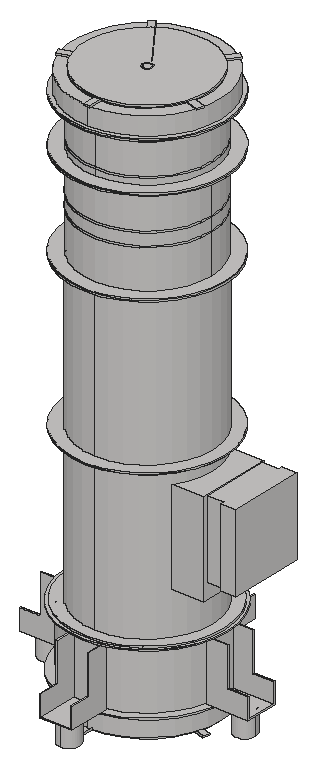
Revit family "HARMANN - MAXEE_HT - pionowy", category Mechanical Equipment, Revit 2022 (continued)
Definition of nested family "HARMANN - Akcesoria - RVS"
  Dimensions and locks
    aligned and locked: Sweep 1 sketch curve to plane 3 "Center (Left/Right)"
    aligned and locked: plane 10 to Sweep 1 sketch curve
    aligned and locked: plane 9 "Center L/S" to Sweep 1 sketch curve
    aligned and locked: Sweep 2 sketch curve to plane 3 "Center (Left/Right)"
    aligned and locked: plane 8 to Sweep 2 sketch curve
    aligned and locked: plane 10 to Sweep 2 sketch curve
    aligned and locked: plane 1 "Center (Front/Back)" to Sweep 3 sketch curve
    aligned and locked: plane 9 "Center L/S" to Sweep 3 sketch curve
    aligned and locked: plane 8 to Sweep 4 sketch curve
    aligned and locked: plane 1 "Center (Front/Back)" to Sweep 4 sketch curve
  Automatic sketch dimensions
    Sweep 3 sketch curve to plane 3 "Center (Left/Right)" = 0.00 mm
    Sweep 4 sketch curve to plane 3 "Center (Left/Right)" = 0.00 mm
    Sweep 1 sketch curve to Sweep 1 sketch curve = 0.00 mm  (x2)
    Sweep 1 sketch curve to level = 0.00 mm
    profile plane to Sweep 1 sketch curve = 0.00 mm
    Sweep 2 sketch curve to Sweep 2 sketch curve = 0.00 mm  (x2)
    Sweep 2 sketch curve to level = 0.00 mm
    profile plane to Sweep 2 sketch curve = 0.00 mm
    Sweep 3 sketch curve to Sweep 3 sketch curve = 0.00 mm  (x2)
    Sweep 3 sketch curve to level = 0.00 mm
    profile plane to Sweep 3 sketch curve = 0.00 mm
    Sweep 4 sketch curve to level = 0.00 mm
    profile plane to Sweep 4 sketch curve = 0.00 mm
Definition of nested family "HARMANN - Akcesoria - RVK F4"
  Parameters (values of type "RVK 315")
    Numer artykułu = size_lookup(Lookup Table Name, "Numer artykułu", "n/a", N1)  # "15387300"
    N1 = 1 mm
    Model = size_lookup(Lookup Table Name, "Model", "n/a", N1)  # "RVK 315"
    Manufacturer = "Harmann Polska Sp. z o.o."  # constant formula
    Lookup Table Name = "RVK"
    Instalacja Pionowa [instance] = yes
    E = size_lookup(Lookup Table Name, "E", 1.00 mm, N1)  # 233.00 mm
    Description = "Klapa zwrotna - instalacja pionowa"  # constant formula
    Default Elevation = 1219.20 mm
    D = B + 4.00 mm  # 319.00 mm
    B = size_lookup(Lookup Table Name, "B", 1.00 mm, N1)  # 315.00 mm
    A2 = A + 30.00 mm  # 385.00 mm
    A = size_lookup(Lookup Table Name, "A", 1.00 mm, N1)  # 355.00 mm
  Types (13, lengths in mm): name | Numer artykułu | N1 | Model | E | D | B | A2 | A
    RVK 315 | "15387300" | 1 | "RVK 315" | 233.00 | 319.00 | 315.00 | 385.00 | 355.00
    RVK 355 | "15388900" | 2 | "RVK 355" | 233.00 | 359.00 | 355.00 | 425.00 | 395.00
    RVK 400 | "15370100" | 3 | "RVK 400" | 218.00 | 404.00 | 400.00 | 480.00 | 450.00
    RVK 450 | "15389500" | 4 | "RVK 450" | 218.00 | 454.00 | 450.00 | 530.00 | 500.00
    RVK 500 | "15390000" | 5 | "RVK 500" | 441.00 | 504.00 | 500.00 | 590.00 | 560.00
    RVK 560 | "15390600" | 6 | "RVK 560" | 441.00 | 564.00 | 560.00 | 650.00 | 620.00
    RVK 630 | "15391000" | 7 | "RVK 630" | 441.00 | 634.00 | 630.00 | 720.00 | 690.00
    RVK 710 | "15391400" | 8 | "RVK 710" | 431.00 | 714.00 | 710.00 | 800.00 | 770.00
    RVK 800 | "15773600" | 9 | "RVK 800" | 431.00 | 804.00 | 800.00 | 890.00 | 860.00
    RVK 900 | "15775500" | 10 | "RVK 900" | 421.00 | 904.00 | 900.00 | 1000.00 | 970.00
    RVK 1000 | "15776600" | 11 | "RVK 1000" | 576.00 | 1004.00 | 1000.00 | 1100.00 | 1070.00
    RVK 1120 | "15783700" | 12 | "RVK 1120" | 566.00 | 1124.00 | 1120.00 | 1220.00 | 1190.00
    RVK 1250 | "15784700" | 13 | "RVK 1250" | 566.00 | 1254.00 | 1250.00 | 1350.00 | 1320.00
  Reference planes
    plane 1 "Center (Front/Back)": y = 0
    plane 2: z = 0
    plane 3 "Center (Left/Right)": x = 0
    plane 4: x = -177.5
    plane 5: x = 177.5
    plane 6: z = 177.5
    plane 7: z = -177.5
    plane 8: y = 233
    plane 9 "Center L/S": y = 3
    plane 10: y = 230
    plane 11: y = 133
    plane 12: y = 100
    plane 13 "Center L/T": y = 13
    plane 14 "Center L/U": y = 16
  Forms (mm)
    Sweep 1, solid, detail levels medium+fine
      path origin (0, 0, 0) x (1, 0, 0) y (0, 1, 0)
        loop
          line (0, 230) -> (0, 3)
      profile origin (0, 116.5, 0) x (1, 0, 0) y (0, 0, 1)
        loop
          circle (0, 0) r 159.5
        loop
          circle (0, 0) r 157.5
    Sweep 2, solid, detail levels medium+fine
      path origin (0, 0, 0) x (1, 0, 0) y (0, 1, 0)
        loop
          line (0, 233) -> (0, 230)
      profile origin (0, 231.5, 0) x (1, 0, 0) y (0, 0, 1)
        loop
          circle (0, 0) r 192.5
        loop
          circle (0, 0) r 157.5
    Sweep 3, solid, detail levels medium+fine
      path origin (0, 0, 0) x (1, 0, 0) y (0, 1, 0)
        loop
          line (0, 3) -> (0, 0)
      profile origin (0, 1.5, 0) x (1, 0, 0) y (0, 0, 1)
        loop
          circle (0, 0) r 192.5
        loop
          circle (0, 0) r 157.5
    Sweep 4, solid, detail levels coarse
      path origin (0, 0, 0) x (1, 0, 0) y (0, 1, 0)
        loop
          line (0, 233) -> (0, 0)
      profile origin (0, 116.5, 0) x (1, 0, 0) y (0, 0, 1)
        loop
          circle (0, 0) r 192.5
    Sweep 5, solid, detail levels medium+fine
      path origin (0, 0, 0) x (1, 0, 0) y (0, 1, 0)
        loop
          line (0, 102) -> (0, 98)
      profile origin (0, 100, 0) x (1, 0, 0) y (0, 0, 1)
        loop
          circle (0, 0) r 159.5
        loop
          circle (0, 0) r 157.5
    Sweep 6, solid, detail levels medium+fine
      path origin (0, 0, 0) x (1, 0, 0) y (0, 1, 0)
        loop
          line (0, 135) -> (0, 131)
      profile origin (0, 133, 0) x (1, 0, 0) y (0, 0, 1)
        loop
          circle (0, 0) r 159.5
        loop
          circle (0, 0) r 157.5
    Sweep 7, solid, detail levels medium+fine
      path origin (0, 0, 0) x (1, 0, 0) y (0, 1, 0)
        loop
          line (0, 16) -> (0, 13)
      profile origin (0, 14.5, 0) x (1, 0, 0) y (0, 0, 1)
        loop
          circle (0, 0) r 157.5
  Dimensions and locks
    equal spacing: plane 5, plane 3 "Center (Left/Right)", plane 4
    "A": plane 5 to plane 4
    equal spacing: plane 6, level, plane 7
    "A": plane 6 to plane 7
    locked: plane 1 "Center (Front/Back)" to plane 9 "Center L/S" at 3
    locked: plane 10 to plane 8 at 3
    locked: plane 11 to plane 8 at 100
    "E": plane 1 "Center (Front/Back)" to plane 8
    locked: plane 1 "Center (Front/Back)" to plane 12 at 100
    equal spacing: Sweep 5 sketch curve, plane 12, Sweep 5 sketch curve
    Sweep 5 sketch curve to Sweep 5 sketch curve = 4.00 mm
    locked: Sweep 6 sketch curve to Sweep 6 sketch curve at 4
    equal spacing: Sweep 6 sketch curve, plane 11, Sweep 6 sketch curve
    locked: plane 13 "Center L/T" to plane 14 "Center L/U" at 3
    locked: plane 9 "Center L/S" to plane 13 "Center L/T" at 10
    "B": diameter of Sweep 1 sketch curve
    "B": diameter of Sweep 2 sketch curve
    "A2": diameter of Sweep 2 sketch curve
    "B": diameter of Sweep 3 sketch curve
    "A2": diameter of Sweep 3 sketch curve
    "A2": diameter of Sweep 4 sketch curve
    "D": diameter of Sweep 1 sketch curve
    "D": diameter of Sweep 5 sketch curve
    "B": diameter of Sweep 5 sketch curve
    "D": diameter of Sweep 6 sketch curve
    "B": diameter of Sweep 6 sketch curve
    "B": diameter of Sweep 7 sketch curve
    aligned and locked: level to plane 2
    aligned and locked: Sweep 1 sketch curve to plane 3 "Center (Left/Right)"
    aligned and locked: plane 10 to Sweep 1 sketch curve
    aligned and locked: plane 9 "Center L/S" to Sweep 1 sketch curve
    aligned and locked: Sweep 2 sketch curve to plane 3 "Center (Left/Right)"
    aligned and locked: plane 8 to Sweep 2 sketch curve
    aligned and locked: plane 10 to Sweep 2 sketch curve
    aligned and locked: plane 1 "Center (Front/Back)" to Sweep 3 sketch curve
    aligned and locked: plane 9 "Center L/S" to Sweep 3 sketch curve
    aligned and locked: plane 8 to Sweep 4 sketch curve
    aligned and locked: plane 1 "Center (Front/Back)" to Sweep 4 sketch curve
    aligned and locked: plane 14 "Center L/U" to Sweep 7 sketch curve
    aligned and locked: plane 13 "Center L/T" to Sweep 7 sketch curve
  Automatic sketch dimensions
    Sweep 3 sketch curve to plane 3 "Center (Left/Right)" = 0.00 mm
    Sweep 4 sketch curve to plane 3 "Center (Left/Right)" = 0.00 mm
    Sweep 5 sketch curve to plane 3 "Center (Left/Right)" = 0.00 mm
    Sweep 6 sketch curve to plane 3 "Center (Left/Right)" = 0.00 mm
    Sweep 7 sketch curve to plane 3 "Center (Left/Right)" = 0.00 mm
    Sweep 1 sketch curve to Sweep 1 sketch curve = 0.00 mm  (x2)
    Sweep 1 sketch curve to level = 0.00 mm
    profile plane to Sweep 1 sketch curve = 0.00 mm
    Sweep 2 sketch curve to Sweep 2 sketch curve = 0.00 mm  (x2)
    Sweep 2 sketch curve to level = 0.00 mm
    profile plane to Sweep 2 sketch curve = 0.00 mm
    Sweep 3 sketch curve to Sweep 3 sketch curve = 0.00 mm  (x2)
    Sweep 3 sketch curve to level = 0.00 mm
    profile plane to Sweep 3 sketch curve = 0.00 mm
    Sweep 4 sketch curve to level = 0.00 mm
    profile plane to Sweep 4 sketch curve = 0.00 mm
    Sweep 5 sketch curve to Sweep 5 sketch curve = 0.00 mm  (x2)
    Sweep 5 sketch curve to level = 0.00 mm
    profile plane to Sweep 5 sketch curve = 0.00 mm
    Sweep 6 sketch curve to Sweep 6 sketch curve = 0.00 mm  (x2)
    Sweep 6 sketch curve to level = 0.00 mm
    profile plane to Sweep 6 sketch curve = 0.00 mm
    Sweep 7 sketch curve to level = 0.00 mm
    profile plane to Sweep 7 sketch curve = 0.00 mm
Definition of nested family "HARMANN - Akcesoria - RAF"
  Parameters (values of type "RAF 1250")
    Numer artykułu = size_lookup(Lookup Table Name, "Numer artykułu", "n/a", N1)  # "15750300"
    N1 = 13 mm
    Model = size_lookup(Lookup Table Name, "Model", "n/a", N1)  # "RAF 1250"
    Manufacturer = "Harmann Polska Sp. z o.o."  # constant formula
    Lookup Table Name = "RAF"
    E = size_lookup(Lookup Table Name, "E", 1.00 mm, N1)  # 105.00 mm
    Description = "Kołnierz wlotowy dedykowany dla wentylatorów kanałowych MAXEE."
    Default Elevation = 1219.20 mm
    B = size_lookup(Lookup Table Name, "B", 1.00 mm, N1)  # 1244.00 mm
    A2 = A + 30.00 mm  # 1350.00 mm
    B2 = B + 54.00 mm  # 1298.00 mm
    A = size_lookup(Lookup Table Name, "A", 1.00 mm, N1)  # 1320.00 mm
  Types (13, lengths in mm): name | Numer artykułu | N1 | Model | E | B | A2 | B2 | A
    RAF 1000 | "15741400" | 11 | "RAF 1000" | 110.00 | 994.00 | 1100.00 | 1048.00 | 1070.00
    RAF 315 | "15401600" | 1 | "RAF 315" | 48.00 | 310.00 | 385.00 | 364.00 | 355.00
    RAF 355 | "15401800" | 2 | "RAF 355" | 48.00 | 350.00 | 425.00 | 404.00 | 395.00
    RAF 400 | "15401900" | 3 | "RAF 400" | 40.00 | 395.00 | 480.00 | 449.00 | 450.00
    RAF 450 | "15402000" | 4 | "RAF 450" | 40.00 | 446.00 | 530.00 | 500.00 | 500.00
    RAF 500 | "15402100" | 5 | "RAF 500" | 63.00 | 495.00 | 590.00 | 549.00 | 560.00
    RAF 560 | "15402200" | 6 | "RAF 560" | 63.00 | 555.00 | 650.00 | 609.00 | 620.00
    RAF 630 | "15402300" | 7 | "RAF 630" | 63.00 | 625.00 | 720.00 | 679.00 | 690.00
    RAF 710 | "15402400" | 8 | "RAF 710" | 59.00 | 705.00 | 800.00 | 759.00 | 770.00
    RAF 800 | "15739500" | 9 | "RAF 800" | 58.00 | 794.00 | 890.00 | 848.00 | 860.00
    RAF 900 | "15740600" | 10 | "RAF 900" | 53.00 | 894.00 | 1000.00 | 948.00 | 970.00
    RAF 1120 | "15749700" | 12 | "RAF 1120" | 105.00 | 1114.00 | 1220.00 | 1168.00 | 1190.00
    RAF 1250 | "15750300" | 13 | "RAF 1250" | 105.00 | 1244.00 | 1350.00 | 1298.00 | 1320.00
  Reference planes
    plane 1 "Center (Front/Back)": y = 0
    plane 2: z = 0
    plane 3 "Center (Left/Right)": x = 0
    plane 4: x = -660
    plane 5: x = 660
    plane 6: z = 660
    plane 7: z = -660
    plane 8: y = 105
    plane 9 "Center L/S": y = 3
  Forms (mm)
    Sweep 1, solid, detail levels medium+fine
      path origin (0, 0, 0) x (1, 0, 0) y (0, 1, 0)
        loop
          line (0, 105) -> (0, 3)
      profile origin (0, 54, 0) x (1, 0, 0) y (0, 0, 1)
        loop
          circle (0, 0) r 622
        loop
          circle (0, 0) r 649
    Sweep 2, solid, detail levels medium+fine
      path origin (0, 0, 0) x (1, 0, 0) y (0, 1, 0)
        loop
          line (0, 3) -> (0, 0)
      profile origin (0, 1.5, 0) x (1, 0, 0) y (0, 0, 1)
        loop
          circle (0, 0) r 675
        loop
          circle (0, 0) r 622
    Sweep 3, solid, detail levels coarse
      path origin (0, 0, 0) x (1, 0, 0) y (0, 1, 0)
        loop
          line (0, 105) -> (0, 0)
      profile origin (0, 52.5, 0) x (1, 0, 0) y (0, 0, 1)
        loop
          circle (0, 0) r 675
  Dimensions and locks
    equal spacing: plane 5, plane 3 "Center (Left/Right)", plane 4
    "A": plane 5 to plane 4
    equal spacing: plane 6, level, plane 7
    "A": plane 6 to plane 7
    locked: plane 1 "Center (Front/Back)" to plane 9 "Center L/S" at 3
    "E": plane 1 "Center (Front/Back)" to plane 8
    "B2": diameter of Sweep 1 sketch curve
    "B": diameter of Sweep 2 sketch curve
    "A2": diameter of Sweep 2 sketch curve
    "A2": diameter of Sweep 3 sketch curve
    "B": diameter of Sweep 1 sketch curve
    aligned and locked: level to plane 2
    aligned and locked: Sweep 1 sketch curve to plane 3 "Center (Left/Right)"
    aligned and locked: plane 9 "Center L/S" to Sweep 1 sketch curve
    aligned and locked: plane 1 "Center (Front/Back)" to Sweep 2 sketch curve
    aligned and locked: plane 9 "Center L/S" to Sweep 2 sketch curve
    aligned and locked: plane 8 to Sweep 3 sketch curve
    aligned and locked: plane 1 "Center (Front/Back)" to Sweep 3 sketch curve
    aligned and locked: plane 8 to Sweep 1 sketch curve
  Automatic sketch dimensions
    Sweep 2 sketch curve to plane 3 "Center (Left/Right)" = 0.00 mm
    Sweep 3 sketch curve to plane 3 "Center (Left/Right)" = 0.00 mm
    Sweep 1 sketch curve to Sweep 1 sketch curve = 0.00 mm  (x2)
    Sweep 1 sketch curve to level = 0.00 mm
    profile plane to Sweep 1 sketch curve = 0.00 mm
    Sweep 2 sketch curve to Sweep 2 sketch curve = 0.00 mm  (x2)
    Sweep 2 sketch curve to level = 0.00 mm
    profile plane to Sweep 2 sketch curve = 0.00 mm
    Sweep 3 sketch curve to level = 0.00 mm
    profile plane to Sweep 3 sketch curve = 0.00 mm
Definition of nested family "HARMANN - Akcesoria - SGE"
  Parameters (values of type "SGE 1000")
    Średnica wewnętrzna = 40.00 mm
    Numer artykułu = size_lookup(Lookup Table Name, "Numer artykułu", "n/a", N1)  # "15951800"
    N1 = 11 mm
    Model = size_lookup(Lookup Table Name, "Model", "n/a", N1)  # "SGE 1000"
    Manufacturer = "Harmann Polska Sp. z o.o."  # constant formula
    Lookup Table Name = "SGE"
    Default Elevation = 1219.20 mm
    Description = "Klapa zwrotna"  # constant formula
    B2 = B - 4.00 mm  # 981.00 mm
    B = size_lookup(Lookup Table Name, "B", 1.00 mm, N1)  # 985.00 mm
    A2 = A + 16.00 mm  # 1086.00 mm
    A = size_lookup(Lookup Table Name, "A", 1.00 mm, N1)  # 1070.00 mm
  Types (14, lengths in mm): name | Numer artykułu | N1 | Model | B2 | B | A2 | A
    SGE 315 | "15405800" | 1 | "SGE 315" | 307.00 | 311.00 | 371.00 | 355.00
    SGE 355 | "15406200" | 2 | "SGE 355" | 351.00 | 355.00 | 411.00 | 395.00
    SGE 400 | "15407400" | 3 | "SGE 400" | 395.00 | 399.00 | 466.00 | 450.00
    SGE 450 | "15407500" | 4 | "SGE 450" | 461.00 | 465.00 | 516.00 | 500.00
    SGE 500 | "15407600" | 5 | "SGE 500" | 505.00 | 509.00 | 576.00 | 560.00
    SGE 560 | "15407700" | 6 | "SGE 560" | 571.00 | 575.00 | 636.00 | 620.00
    SGE 630 | "15407900" | 7 | "SGE 630" | 637.00 | 641.00 | 706.00 | 690.00
    SGE 710 | "15408300" | 8 | "SGE 710" | 703.00 | 707.00 | 786.00 | 770.00
    SGE 800 | "15951600" | 9 | "SGE 800" | 781.00 | 785.00 | 876.00 | 860.00
    SGE 900 | "15951700" | 10 | "SGE 900" | 881.00 | 885.00 | 986.00 | 970.00
    SGE 1000 | "15951800" | 11 | "SGE 1000" | 981.00 | 985.00 | 1086.00 | 1070.00
    SGE 1120 | "15951900" | 12 | "SGE 1120" | 1101.00 | 1105.00 | 1206.00 | 1190.00
    SGE 1250 | "15952000" | 13 | "SGE 1250" | 1231.00 | 1235.00 | 1336.00 | 1320.00
    SGE 1400 | "16041800" | 14 | "SGE 1400" | 1381.00 | 1385.00 | 1486.00 | 1470.00
  Reference planes
    plane 1 "Center (Front/Back)": y = 0
    plane 2: z = 0
    plane 3 "Center (Left/Right)": x = 0
    plane 4 "Center L/S": y = 6.5
    plane 5 "Center L/T": y = 3.25
  Forms (mm)
    Sweep 1, solid, detail levels medium+fine
      path origin (0, 0, 0) x (1, 0, 0) y (0, 1, 0)
        loop
          line (0, 0) -> (0, 3.25)
      profile origin (0, 1.625, 0) x (-1, 0, 0) y (0, 0, 1)
        loop
          line (19.472, 4.567) -> (443.807, 312.865)
          arc (443.807, 312.865) -> (439.296, 319.167) -> (434.696, 325.405) r 543
          line (434.696, 325.405) -> (10.361, 17.107)
          arc (10.361, 17.107) -> (16.18, 11.756) -> (19.472, 4.567) r 20
        loop
          arc (-160.408, 518.766) -> (-167.796, 516.424) -> (-175.15, 513.976) r 543
          line (-175.15, 513.976) -> (-13.068, 15.14)
          arc (-13.068, 15.14) -> (-6.18, 19.021) -> (1.673, 19.93) r 20
          line (1.673, 19.93) -> (-160.408, 518.766)
        loop
          arc (-542.945, 7.75) -> (-543, 0) -> (-542.945, -7.75) r 543
          line (-542.945, -7.75) -> (-18.437, -7.75)
          arc (-18.437, -7.75) -> (-20, 0) -> (-18.437, 7.75) r 20
          line (-18.437, 7.75) -> (-542.945, 7.75)
        loop
          arc (-175.15, -513.976) -> (-167.796, -516.424) -> (-160.408, -518.766) r 543
          line (-160.408, -518.766) -> (1.673, -19.93)
          arc (1.673, -19.93) -> (-6.18, -19.021) -> (-13.068, -15.14) r 20
          line (-13.068, -15.14) -> (-175.15, -513.976)
        loop
          arc (434.696, -325.405) -> (439.296, -319.167) -> (443.807, -312.865) r 543
          line (443.807, -312.865) -> (19.472, -4.567)
          arc (19.472, -4.567) -> (16.18, -11.756) -> (10.361, -17.107) r 20
          line (10.361, -17.107) -> (434.696, -325.405)
    Sweep 2, solid, detail levels medium+fine
      path origin (0, 0, 0) x (1, 0, 0) y (0, 1, 0)
        loop
          line (0, 6.5) -> (0, 3.25)
      profile origin (0, 4.875, 0) x (1, 0, 0) y (0, 0, 1)
        loop
          circle (0, 0) r 12.5
        loop
          circle (0, 0) r 490.5
        loop
          circle (0, 0) r 9.5
    Sweep 3, solid, detail levels coarse
      path origin (0, 0, 0) x (1, 0, 0) y (0, 1, 0)
        loop
          line (0, 0) -> (0, 6.5)
      profile origin (0, 3.25, 0) x (-1, 0, 0) y (0, 0, 1)
        loop
          circle (0, 0) r 535
  Dimensions and locks
    locked: plane 1 "Center (Front/Back)" to plane 4 "Center L/S" at 6.5
    equal spacing: plane 1 "Center (Front/Back)", plane 5 "Center L/T", plane 4 "Center L/S"
    "B2": diameter of Sweep 2 sketch curve
    "A": diameter of Sweep 3 sketch curve
    "A2": diameter of Sweep 1 sketch curve  (x5)
    "Średnica wewnętrzna": diameter of Sweep 1 sketch curve  (x5)
    locked: Sweep 1 sketch curve to Sweep 1 sketch curve (angle 72.00°)  (x9)
    aligned and locked: level to plane 2
    aligned and locked: Sweep 1 sketch curve to plane 3 "Center (Left/Right)"
    aligned and locked: plane 4 "Center L/S" to Sweep 2 sketch curve
    aligned and locked: plane 1 "Center (Front/Back)" to Sweep 1 sketch curve
    aligned and locked: plane 1 "Center (Front/Back)" to Sweep 3 sketch curve
    aligned and locked: plane 5 "Center L/T" to Sweep 1 sketch curve
    aligned and locked: plane 5 "Center L/T" to Sweep 2 sketch curve
    aligned and locked: plane 4 "Center L/S" to Sweep 3 sketch curve
  Automatic sketch dimensions
    Sweep 2 sketch curve to plane 3 "Center (Left/Right)" = 0.00 mm
    Sweep 3 sketch curve to plane 3 "Center (Left/Right)" = 0.00 mm
    Sweep 1 sketch curve to Sweep 1 sketch curve = 0.00 mm  (x90)
    Sweep 1 sketch curve to level = 0.00 mm
    Sweep 1 sketch curve to profile plane = 0.00 mm
    profile plane to Sweep 1 sketch curve = 13.068 mm  (x2)
    level to Sweep 1 sketch curve = 7.75 mm
    Sweep 1 sketch curve to level = 7.75 mm
    Sweep 1 sketch curve to Sweep 1 sketch curve = 14.741 mm  (x2)
    Sweep 1 sketch curve to Sweep 1 sketch curve = 8.688 mm  (x2)
    Sweep 1 sketch curve to level = 4.567 mm
    level to Sweep 1 sketch curve = 4.567 mm
    Sweep 2 sketch curve to Sweep 2 sketch curve = 0.00 mm  (x6)
    Sweep 2 sketch curve to level = 0.00 mm
    profile plane to Sweep 2 sketch curve = 0.00 mm
    Sweep 3 sketch curve to level = 0.00 mm
    Sweep 3 sketch curve to profile plane = 0.00 mm
    radius of Sweep 2 sketch curve = 12.50 mm
    radius of Sweep 2 sketch curve = 9.50 mm
Types (40, lengths in mm): name | Zasilanie natężenie maksymalne Imax | Zasilanie Moc maksymalna Pmax | Zasilanie Częstotliwość Maksymalna fmax | Wysokość FSD | Wysokość FAL | Wysokość | TRA | R2 | Powietrze ciśnienie statyczne maksymalne dPmax | Powietrze Przepływ Maksymalny Qmax | Obroty nominalne nnom | Numer artykułu | N1 | Model | Moc akustyczna nominalna obudowa Lwa | Masa | MAXEE_HT | F | Długość TRA | Długość RVS SPR | Długość RVS | Długość RVK F4 SPR | Długość RVK F4 | Długość RAS F4 od strony tłoczonej SPR | Długość RAS F4 SPR | Długość RAS F4 | Długość RAF SPR | Długość RAF | Długość MR | Długość MAXEE | Długość ESD SPR | Długość ESD | D2 | D | Czy Złącze Elastyczne RAS F4 | Czy Dysza wlotowa ESD | Ciśnienie akustyczne nominalne obudowa Lpa | C | B | Akc SGE dla ESD | Akc SGE | Akc RVS | Akc RVK F4 | Akc RAS F4 | Akc RAF | Akc MR | Akc ESD | A
  MAXEE.HT 315/4/3950T | 0.7 A | 174 W | 80 Hz | 57.00 | 98.00 | 116.50 | no | 157.50 | 215.0 Pa | 3940.0 m³/h | 1485.000 RPM | "15470200" | 1 | "MAXEE.HT 315/4/3950T" | "65 dB(A)" | 23.10 kg | HARMANN - MAXEE_HT : MAXEE.HT 315/4/3950T | 396.00 | 336.00 | 383.00 | 383.00 | 233.00 | 233.00 | 120.00 | 120.00 | 120.00 | 48.00 | 48.00 | 154.00 | 383.00 | 79.00 | 79.00 | 321.00 | 315.00 | yes | yes | "58 dB(A)" | 355.00 | 383.00 | HARMANN - Akcesoria - SGE : SGE 355 | HARMANN - Akcesoria - SGE : SGE 315 | HARMANN - Akcesoria - RVS : RVS 315 | HARMANN - Akcesoria - RVK F4 : RVK 315 | HARMANN - Akcesoria - RAS F4 : RAS 315 F4 | HARMANN - Akcesoria - RAF : RAF 315 | HARMANN - Akcesoria - MR : MR 315 | HARMANN - Akcesoria - ESD : ESD 315 | 380.00
  MAXEE.HT 315/2/5800T | 1.9 A | 1386 W | 60 Hz | 57.00 | 98.00 | 116.50 | no | 157.50 | 490.0 Pa | 5810.0 m³/h | 2880.000 RPM | "15470300" | 2 | "MAXEE.HT 315/2/5800T" | "75 dB(A)" | 18.50 kg | HARMANN - MAXEE_HT : MAXEE.HT 315/2/5800T | 396.00 | 336.00 | 383.00 | 383.00 | 233.00 | 233.00 | 120.00 | 0.00 | 120.00 | 48.00 | 48.00 | 154.00 | 383.00 | 0.00 | 79.00 | 321.00 | 315.00 | no | no | "68 dB(A)" | 355.00 | 383.00 | HARMANN - Akcesoria - SGE : SGE 355 | HARMANN - Akcesoria - SGE : SGE 315 | HARMANN - Akcesoria - RVS : RVS 315 | HARMANN - Akcesoria - RVK F4 : RVK 315 | HARMANN - Akcesoria - RAS F4 : RAS 315 F4 | HARMANN - Akcesoria - RAF : RAF 315 | HARMANN - Akcesoria - MR : MR 315 | HARMANN - Akcesoria - ESD : ESD 315 | 380.00
  MAXEE.HT 355/4/4900T | 0.8 A | 575 W | 70 Hz | 57.00 | 99.00 | 136.00 | no | 177.50 | 230.0 Pa | 4870.0 m³/h | 1480.000 RPM | "15470400" | 3 | "MAXEE.HT 355/4/4900T" | "65 dB(A)" | 20.30 kg | HARMANN - MAXEE_HT : MAXEE.HT 355/4/4900T | 396.00 | 336.00 | 368.00 | 368.00 | 233.00 | 233.00 | 120.00 | 120.00 | 120.00 | 48.00 | 48.00 | 154.00 | 383.00 | 89.00 | 89.00 | 361.00 | 355.00 | yes | yes | "58 dB(A)" | 395.00 | 383.00 | HARMANN - Akcesoria - SGE : SGE 400 | HARMANN - Akcesoria - SGE : SGE 355 | HARMANN - Akcesoria - RVS : RVS 355 | HARMANN - Akcesoria - RVK F4 : RVK 355 | HARMANN - Akcesoria - RAS F4 : RAS 355 F4 | HARMANN - Akcesoria - RAF : RAF 355 | HARMANN - Akcesoria - MR : MR 355 | HARMANN - Akcesoria - ESD : ESD 355 | 420.00
  MAXEE.HT 355/2/6900T | 2.3 A | 1520 W | 50 Hz | 57.00 | 99.00 | 136.00 | no | 177.50 | 440.0 Pa | 6920.0 m³/h | 2820.000 RPM | "15470500" | 4 | "MAXEE.HT 355/2/6900T" | "73 dB(A)" | 24.10 kg | HARMANN - MAXEE_HT : MAXEE.HT 355/2/6900T | 396.00 | 336.00 | 368.00 | 368.00 | 233.00 | 233.00 | 120.00 | 120.00 | 120.00 | 48.00 | 48.00 | 154.00 | 383.00 | 89.00 | 89.00 | 361.00 | 355.00 | yes | yes | "66 dB(A)" | 395.00 | 383.00 | HARMANN - Akcesoria - SGE : SGE 400 | HARMANN - Akcesoria - SGE : SGE 355 | HARMANN - Akcesoria - RVS : RVS 355 | HARMANN - Akcesoria - RVK F4 : RVK 355 | HARMANN - Akcesoria - RAS F4 : RAS 355 F4 | HARMANN - Akcesoria - RAF : RAF 355 | HARMANN - Akcesoria - MR : MR 355 | HARMANN - Akcesoria - ESD : ESD 355 | 420.00
  MAXEE.HT 400/4/6900T | 1.3 A | 1006 W | 70 Hz | 57.00 | 99.00 | 158.50 | no | 200.00 | 300.0 Pa | 6890.0 m³/h | 1470.000 RPM | "15470600" | 5 | "MAXEE.HT 400/4/6900T" | "69 dB(A)" | 27.10 kg | HARMANN - MAXEE_HT : MAXEE.HT 400/4/6900T | 396.00 | 321.00 | 368.00 | 368.00 | 218.00 | 218.00 | 105.00 | 105.00 | 105.00 | 40.00 | 40.00 | 154.00 | 368.00 | 100.00 | 100.00 | 406.00 | 400.00 | yes | yes | "62 dB(A)" | 450.00 | 368.00 | HARMANN - Akcesoria - SGE : SGE 450 | HARMANN - Akcesoria - SGE : SGE 400 | HARMANN - Akcesoria - RVS : RVS 400 | HARMANN - Akcesoria - RVK F4 : RVK 400 | HARMANN - Akcesoria - RAS F4 : RAS 400 F4 | HARMANN - Akcesoria - RAF : RAF 400 | HARMANN - Akcesoria - MR : MR 400 | HARMANN - Akcesoria - ESD : ESD 400 | 480.00
  MAXEE.HT 400/2/10800T | 4.5 A | 3497 W | 55 Hz | 57.00 | 99.00 | 158.50 | no | 200.00 | 750.0 Pa | 10820.0 m³/h | 2865.000 RPM | "15470700" | 6 | "MAXEE.HT 400/2/10800T" | "77 dB(A)" | 34.10 kg | HARMANN - MAXEE_HT : MAXEE.HT 400/2/10800T | 396.00 | 321.00 | 368.00 | 368.00 | 218.00 | 218.00 | 105.00 | 105.00 | 105.00 | 40.00 | 40.00 | 154.00 | 368.00 | 100.00 | 100.00 | 406.00 | 400.00 | yes | yes | "70 dB(A)" | 450.00 | 368.00 | HARMANN - Akcesoria - SGE : SGE 450 | HARMANN - Akcesoria - SGE : SGE 400 | HARMANN - Akcesoria - RVS : RVS 400 | HARMANN - Akcesoria - RVK F4 : RVK 400 | HARMANN - Akcesoria - RAS F4 : RAS 400 F4 | HARMANN - Akcesoria - RAF : RAF 400 | HARMANN - Akcesoria - MR : MR 400 | HARMANN - Akcesoria - ESD : ESD 400 | 480.00
  MAXEE.HT 450/4/8500T | 1.4 A | 1129 W | 60 Hz | 57.00 | 99.00 | 183.50 | no | 225.00 | 280.0 Pa | 8460.0 m³/h | 1450.000 RPM | "15470800" | 7 | "MAXEE.HT 450/4/8500T" | "70 dB(A)" | 29.20 kg | HARMANN - MAXEE_HT : MAXEE.HT 450/4/8500T | 396.00 | 321.00 | 368.00 | 368.00 | 218.00 | 218.00 | 105.00 | 105.00 | 105.00 | 40.00 | 40.00 | 154.00 | 368.00 | 112.00 | 112.00 | 456.00 | 450.00 | yes | yes | "63 dB(A)" | 500.00 | 368.00 | HARMANN - Akcesoria - SGE : SGE 450 | HARMANN - Akcesoria - SGE : SGE 450 | HARMANN - Akcesoria - RVS : RVS 450 | HARMANN - Akcesoria - RVK F4 : RVK 450 | HARMANN - Akcesoria - RAS F4 : RAS 450 F4 | HARMANN - Akcesoria - RAF : RAF 450 | HARMANN - Akcesoria - MR : MR 450 | HARMANN - Akcesoria - ESD : ESD 450 | 530.00
  MAXEE.HT 450/2/15300T | 8.1 A | 6325 W | 55 Hz | 57.00 | 99.00 | 183.50 | no | 225.00 | 960.0 Pa | 15300.0 m³/h | 2910.000 RPM | "15470900" | 8 | "MAXEE.HT 450/2/15300T" | "83 dB(A)" | 53.40 kg | HARMANN - MAXEE_HT : MAXEE.HT 450/2/15300T | 465.00 | 321.00 | 368.00 | 368.00 | 218.00 | 218.00 | 105.00 | 105.00 | 105.00 | 40.00 | 40.00 | 154.00 | 368.00 | 112.00 | 112.00 | 456.00 | 450.00 | yes | yes | "76 dB(A)" | 500.00 | 368.00 | HARMANN - Akcesoria - SGE : SGE 500 | HARMANN - Akcesoria - SGE : SGE 450 | HARMANN - Akcesoria - RVS : RVS 450 | HARMANN - Akcesoria - RVK F4 : RVK 450 | HARMANN - Akcesoria - RAS F4 : RAS 450 F4 | HARMANN - Akcesoria - RAF : RAF 450 | HARMANN - Akcesoria - MR : MR 450 | HARMANN - Akcesoria - ESD : ESD 450 | 530.00
  MAXEE.HT 500/4/11600T | 2.5 A | 1817 W | 60 Hz | 57.00 | 99.00 | 208.50 | no | 250.00 | 360.0 Pa | 11640.0 m³/h | 1465.000 RPM | "15471000" | 9 | "MAXEE.HT 500/4/11600T" | "71 dB(A)" | 42.60 kg | HARMANN - MAXEE_HT : MAXEE.HT 500/4/11600T | 465.00 | 396.00 | 443.00 | 443.00 | 441.00 | 441.00 | 153.00 | 153.00 | 153.00 | 63.00 | 63.00 | 154.00 | 443.00 | 125.00 | 125.00 | 506.00 | 500.00 | yes | yes | "64 dB(A)" | 560.00 | 443.00 | HARMANN - Akcesoria - SGE : SGE 500 | HARMANN - Akcesoria - SGE : SGE 500 | HARMANN - Akcesoria - RVS : RVS 500 | HARMANN - Akcesoria - RVK F4 : RVK 500 | HARMANN - Akcesoria - RAS F4 : RAS 500 F4 | HARMANN - Akcesoria - RAF : RAF 500 | HARMANN - Akcesoria - MR : MR 500 | HARMANN - Akcesoria - ESD : ESD 500 | 590.00
  MAXEE.HT 500/2/19600T | 10.8 A | 5928 W | 50 Hz | 57.00 | 99.00 | 208.50 | no | 250.00 | 970.0 Pa | 19630.0 m³/h | 2940.000 RPM | "15471100" | 10 | "MAXEE.HT 500/2/19600T" | "85 dB(A)" | 82.30 kg | HARMANN - MAXEE_HT : MAXEE.HT 500/2/19600T | 515.00 | 396.00 | 443.00 | 443.00 | 441.00 | 441.00 | 153.00 | 153.00 | 153.00 | 63.00 | 63.00 | 154.00 | 443.00 | 125.00 | 125.00 | 506.00 | 500.00 | yes | yes | "78 dB(A)" | 560.00 | 443.00 | HARMANN - Akcesoria - SGE : SGE 560 | HARMANN - Akcesoria - SGE : SGE 500 | HARMANN - Akcesoria - RVS : RVS 500 | HARMANN - Akcesoria - RVK F4 : RVK 500 | HARMANN - Akcesoria - RAS F4 : RAS 500 F4 | HARMANN - Akcesoria - RAF : RAF 500 | HARMANN - Akcesoria - MR : MR 500 | HARMANN - Akcesoria - ESD : ESD 500 | 590.00
  MAXEE.HT 560/4/15400T | 3.4 A | 2577 W | 55 Hz | 57.00 | 99.00 | 238.50 | no | 280.00 | 350.0 Pa | 15380.0 m³/h | 1450.000 RPM | "15471200" | 11 | "MAXEE.HT 560/4/15400T" | "72 dB(A)" | 47.70 kg | HARMANN - MAXEE_HT : MAXEE.HT 560/4/15400T | 515.00 | 396.00 | 443.00 | 443.00 | 441.00 | 441.00 | 153.00 | 153.00 | 153.00 | 63.00 | 63.00 | 154.00 | 443.00 | 140.00 | 140.00 | 566.00 | 560.00 | yes | yes | "65 dB(A)" | 620.00 | 443.00 | HARMANN - Akcesoria - SGE : SGE 630 | HARMANN - Akcesoria - SGE : SGE 560 | HARMANN - Akcesoria - RVS : RVS 560 | HARMANN - Akcesoria - RVK F4 : RVK 560 | HARMANN - Akcesoria - RAS F4 : RAS 560 F4 | HARMANN - Akcesoria - RAF : RAF 560 | HARMANN - Akcesoria - MR : MR 560 | HARMANN - Akcesoria - ESD : ESD 560 | 650.00
  MAXEE.HT 560/4/16600T | 4.3 A | 3162 W | 60 Hz | 57.00 | 99.00 | 238.50 | no | 280.00 | 430.0 Pa | 16580.0 m³/h | 1455.000 RPM | "15471300" | 12 | "MAXEE.HT 560/4/16600T" | "74 dB(A)" | 58.70 kg | HARMANN - MAXEE_HT : MAXEE.HT 560/4/16600T | 474.00 | 396.00 | 443.00 | 443.00 | 441.00 | 441.00 | 153.00 | 153.00 | 153.00 | 63.00 | 63.00 | 154.00 | 443.00 | 140.00 | 140.00 | 566.00 | 560.00 | yes | yes | "67 dB(A)" | 620.00 | 443.00 | HARMANN - Akcesoria - SGE : SGE 630 | HARMANN - Akcesoria - SGE : SGE 560 | HARMANN - Akcesoria - RVS : RVS 560 | HARMANN - Akcesoria - RVK F4 : RVK 560 | HARMANN - Akcesoria - RAS F4 : RAS 560 F4 | HARMANN - Akcesoria - RAF : RAF 560 | HARMANN - Akcesoria - MR : MR 560 | HARMANN - Akcesoria - ESD : ESD 560 | 650.00
  MAXEE.HT 630/4/24600T | 9.1 A | 5680 W | 65 Hz | 57.00 | 99.00 | 273.50 | no | 315.00 | 625.0 Pa | 24620.0 m³/h | 1470.000 RPM | "15471500" | 13 | "MAXEE.HT 630/4/24600T" | "79 dB(A)" | 71.00 kg | HARMANN - MAXEE_HT : MAXEE.HT 630/4/24600T | 504.00 | 396.00 | 443.00 | 443.00 | 441.00 | 441.00 | 153.00 | 153.00 | 153.00 | 63.00 | 63.00 | 154.00 | 443.00 | 158.00 | 158.00 | 636.00 | 630.00 | yes | yes | "72 dB(A)" | 690.00 | 443.00 | HARMANN - Akcesoria - SGE : SGE 710 | HARMANN - Akcesoria - SGE : SGE 630 | HARMANN - Akcesoria - RVS : RVS 630 | HARMANN - Akcesoria - RVK F4 : RVK 630 | HARMANN - Akcesoria - RAS F4 : RAS 630 F4 | HARMANN - Akcesoria - RAF : RAF 630 | HARMANN - Akcesoria - MR : MR 630 | HARMANN - Akcesoria - ESD : ESD 630 | 720.00
  MAXEE.HT 630/6/16200T | 3 A | 1245 W | 65 Hz | 57.00 | 99.00 | 273.50 | no | 315.00 | 260.0 Pa | 16170.0 m³/h | 970.000 RPM | "15471400" | 14 | "MAXEE.HT 630/6/16200T" | "70 dB(A)" | 62.00 kg | HARMANN - MAXEE_HT : MAXEE.HT 630/6/16200T | 486.00 | 396.00 | 443.00 | 443.00 | 441.00 | 441.00 | 153.00 | 153.00 | 153.00 | 63.00 | 63.00 | 154.00 | 443.00 | 158.00 | 158.00 | 636.00 | 630.00 | yes | yes | "63 dB(A)" | 690.00 | 443.00 | HARMANN - Akcesoria - SGE : SGE 710 | HARMANN - Akcesoria - SGE : SGE 630 | HARMANN - Akcesoria - RVS : RVS 630 | HARMANN - Akcesoria - RVK F4 : RVK 630 | HARMANN - Akcesoria - RAS F4 : RAS 630 F4 | HARMANN - Akcesoria - RAF : RAF 630 | HARMANN - Akcesoria - MR : MR 630 | HARMANN - Akcesoria - ESD : ESD 630 | 720.00
  MAXEE.HT 710/6/22600T | 4.7 A | 2212 W | 60 Hz | 57.00 | 119.00 | 303.50 | no | 355.00 | 320.0 Pa | 22570.0 m³/h | 980.000 RPM | "15471600" | 15 | "MAXEE.HT 710/6/22600T" | "73 dB(A)" | 78.80 kg | HARMANN - MAXEE_HT : MAXEE.HT 710/6/22600T | 600.00 | 386.00 | 433.00 | 433.00 | 431.00 | 431.00 | 255.00 | 255.00 | 255.00 | 59.00 | 59.00 | 154.00 | 433.00 | 178.00 | 178.00 | 716.00 | 710.00 | yes | yes | "66 dB(A)" | 770.00 | 433.00 | HARMANN - Akcesoria - SGE : SGE 710 | HARMANN - Akcesoria - SGE : SGE 710 | HARMANN - Akcesoria - RVS : RVS 710 | HARMANN - Akcesoria - RVK F4 : RVK 710 | HARMANN - Akcesoria - RAS F4 : RAS 710 F4 | HARMANN - Akcesoria - RAF : RAF 710 | HARMANN - Akcesoria - MR : MR 710 | HARMANN - Akcesoria - ESD : ESD 710 | 810.00
  MAXEE.HT 710/4/36600T | 14 A | 8500 W | 60 Hz | 57.00 | 119.00 | 303.50 | no | 355.00 | 715.0 Pa | 33670.0 m³/h | 1480.000 RPM | "15471700" | 16 | "MAXEE.HT 710/4/36600T" | "84 dB(A)" | 111.20 kg | HARMANN - MAXEE_HT : MAXEE.HT 710/4/36600T | 516.00 | 386.00 | 433.00 | 433.00 | 431.00 | 431.00 | 255.00 | 255.00 | 255.00 | 59.00 | 59.00 | 154.00 | 433.00 | 178.00 | 178.00 | 716.00 | 710.00 | yes | yes | "77 dB(A)" | 770.00 | 433.00 | HARMANN - Akcesoria - SGE : SGE 710 | HARMANN - Akcesoria - SGE : SGE 710 | HARMANN - Akcesoria - RVS : RVS 710 | HARMANN - Akcesoria - RVK F4 : RVK 710 | HARMANN - Akcesoria - RAS F4 : RAS 710 F4 | HARMANN - Akcesoria - RAF : RAF 710 | HARMANN - Akcesoria - MR : MR 710 | HARMANN - Akcesoria - ESD : ESD 710 | 810.00
  MAXEE.HT 800/6/26500T | 5.2 A | 3298 W | 50 Hz | 94.00 | 160.00 | 328.00 | no | 400.00 | 280.0 Pa | 26520.0 m³/h | 970.000 RPM | "16246500" | 17 | "MAXEE.HT 800/6/26500T" | "80 dB(A)" | 114.10 kg | HARMANN - MAXEE_HT : MAXEE.HT 800/6/26500T | 516.00 | 601.00 | 328.00 | 328.00 | 431.00 | 431.00 | 255.00 | 255.00 | 255.00 | 58.00 | 58.00 | 300.00 | 648.00 | 178.00 | 178.00 | 806.00 | 800.00 | yes | yes | "73 dB(A)" | 860.00 | 648.00 | HARMANN - Akcesoria - SGE : SGE 900 | HARMANN - Akcesoria - SGE : SGE 800 | HARMANN - Akcesoria - RVS : RVS 800 | HARMANN - Akcesoria - RVK F4 : RVK 800 | HARMANN - Akcesoria - RAS F4 : RAS 800 F4 | HARMANN - Akcesoria - RAF : RAF 800 | HARMANN - Akcesoria - MR : MR 800 | HARMANN - Akcesoria - ESD : ESD 800 | 900.00
  MAXEE.HT 800/4/30800T | 9.8 A | 3816 W | 40 Hz | 94.00 | 160.00 | 328.00 | no | 400.00 | 380.0 Pa | 30800.0 m³/h | 1450.000 RPM | "16250700" | 18 | "MAXEE.HT 800/4/30800T" | "81 dB(A)" | 117.10 kg | HARMANN - MAXEE_HT : MAXEE.HT 800/4/30800T | 516.00 | 601.00 | 328.00 | 328.00 | 431.00 | 431.00 | 255.00 | 255.00 | 255.00 | 58.00 | 58.00 | 300.00 | 648.00 | 178.00 | 178.00 | 806.00 | 800.00 | yes | yes | "74 dB(A)" | 860.00 | 648.00 | HARMANN - Akcesoria - SGE : SGE 900 | HARMANN - Akcesoria - SGE : SGE 800 | HARMANN - Akcesoria - RVS : RVS 800 | HARMANN - Akcesoria - RVK F4 : RVK 800 | HARMANN - Akcesoria - RAS F4 : RAS 800 F4 | HARMANN - Akcesoria - RAF : RAF 800 | HARMANN - Akcesoria - MR : MR 800 | HARMANN - Akcesoria - ESD : ESD 800 | 900.00
  MAXEE.HT 800/4/31600T | 9.9 A | 4780 W | 40 Hz | 94.00 | 160.00 | 328.00 | no | 400.00 | 780.0 Pa | 31640.0 m³/h | 1450.000 RPM | "16252300" | 19 | "MAXEE.HT 800/4/31600T" | "81 dB(A)" | 142.10 kg | HARMANN - MAXEE_HT : MAXEE.HT 800/4/31600T | 516.00 | 601.00 | 328.00 | 328.00 | 431.00 | 431.00 | 255.00 | 255.00 | 255.00 | 58.00 | 58.00 | 300.00 | 648.00 | 178.00 | 178.00 | 806.00 | 800.00 | yes | yes | "74 dB(A)" | 860.00 | 648.00 | HARMANN - Akcesoria - SGE : SGE 900 | HARMANN - Akcesoria - SGE : SGE 800 | HARMANN - Akcesoria - RVS : RVS 800 | HARMANN - Akcesoria - RVK F4 : RVK 800 | HARMANN - Akcesoria - RAS F4 : RAS 800 F4 | HARMANN - Akcesoria - RAF : RAF 800 | HARMANN - Akcesoria - MR : MR 800 | HARMANN - Akcesoria - ESD : ESD 800 | 900.00
  MAXEE.HT 800/6/36800T | 12.1 A | 6296 W | 70 Hz | 94.00 | 160.00 | 328.00 | no | 400.00 | 530.0 Pa | 36860.0 m³/h | 990.000 RPM | "16254100" | 20 | "MAXEE.HT 800/6/36800T" | "85 dB(A)" | 161.10 kg | HARMANN - MAXEE_HT : MAXEE.HT 800/6/36800T | 670.00 | 601.00 | 328.00 | 328.00 | 431.00 | 431.00 | 255.00 | 255.00 | 255.00 | 58.00 | 58.00 | 300.00 | 648.00 | 178.00 | 178.00 | 806.00 | 800.00 | yes | yes | "78 dB(A)" | 860.00 | 648.00 | HARMANN - Akcesoria - SGE : SGE 900 | HARMANN - Akcesoria - SGE : SGE 800 | HARMANN - Akcesoria - RVS : RVS 800 | HARMANN - Akcesoria - RVK F4 : RVK 800 | HARMANN - Akcesoria - RAS F4 : RAS 800 F4 | HARMANN - Akcesoria - RAF : RAF 800 | HARMANN - Akcesoria - MR : MR 800 | HARMANN - Akcesoria - ESD : ESD 800 | 900.00
  MAXEE.HT 800/4/39900T | 14.5 A | 7656 W | 50 Hz | 94.00 | 160.00 | 328.00 | no | 400.00 | 650.0 Pa | 39890.0 m³/h | 1470.000 RPM | "16256200" | 21 | "MAXEE.HT 800/4/39900T" | "88 dB(A)" | 153.10 kg | HARMANN - MAXEE_HT : MAXEE.HT 800/4/39900T | 670.00 | 601.00 | 328.00 | 328.00 | 431.00 | 431.00 | 255.00 | 255.00 | 255.00 | 58.00 | 58.00 | 300.00 | 648.00 | 178.00 | 178.00 | 806.00 | 800.00 | yes | yes | "81 dB(A)" | 860.00 | 648.00 | HARMANN - Akcesoria - SGE : SGE 900 | HARMANN - Akcesoria - SGE : SGE 800 | HARMANN - Akcesoria - RVS : RVS 800 | HARMANN - Akcesoria - RVK F4 : RVK 800 | HARMANN - Akcesoria - RAS F4 : RAS 800 F4 | HARMANN - Akcesoria - RAF : RAF 800 | HARMANN - Akcesoria - MR : MR 800 | HARMANN - Akcesoria - ESD : ESD 800 | 900.00
  MAXEE.HT 800/4/48700T | 23.9 A | 9704 W | 60 Hz | 94.00 | 160.00 | 328.00 | no | 400.00 | 900.0 Pa | 48730.0 m³/h | 1485.000 RPM | "16084400" | 22 | "MAXEE.HT 800/4/48700T" | "89 dB(A)" | 186.10 kg | HARMANN - MAXEE_HT : MAXEE.HT 800/4/48700T | 725.00 | 601.00 | 328.00 | 328.00 | 431.00 | 431.00 | 255.00 | 255.00 | 255.00 | 58.00 | 58.00 | 300.00 | 648.00 | 178.00 | 178.00 | 806.00 | 800.00 | yes | yes | "82 dB(A)" | 860.00 | 648.00 | HARMANN - Akcesoria - SGE : SGE 900 | HARMANN - Akcesoria - SGE : SGE 800 | HARMANN - Akcesoria - RVS : RVS 800 | HARMANN - Akcesoria - RVK F4 : RVK 800 | HARMANN - Akcesoria - RAS F4 : RAS 800 F4 | HARMANN - Akcesoria - RAF : RAF 800 | HARMANN - Akcesoria - MR : MR 800 | HARMANN - Akcesoria - ESD : ESD 800 | 900.00
  MAXEE.HT 900/4/43300T | 14.9 A | 6500 W | 40 Hz | 94.00 | 170.00 | 373.00 | no | 450.00 | 440.0 Pa | 43340.0 m³/h | 1450.000 RPM | "16268500" | 23 | "MAXEE.HT 900/4/43300T" | "84 dB(A)" | 158.20 kg | HARMANN - MAXEE_HT : MAXEE.HT 900/4/43300T | 725.00 | 591.00 | 318.00 | 318.00 | 421.00 | 421.00 | 245.00 | 245.00 | 245.00 | 53.00 | 53.00 | 300.00 | 638.00 | 178.00 | 178.00 | 906.00 | 900.00 | yes | yes | "77 dB(A)" | 970.00 | 638.00 | HARMANN - Akcesoria - SGE : SGE 1000 | HARMANN - Akcesoria - SGE : SGE 900 | HARMANN - Akcesoria - RVS : RVS 900 | HARMANN - Akcesoria - RVK F4 : RVK 900 | HARMANN - Akcesoria - RAS F4 : RAS 900 F4 | HARMANN - Akcesoria - RAF : RAF 900 | HARMANN - Akcesoria - MR : MR 900 | HARMANN - Akcesoria - ESD : ESD 900 | 1010.00
  MAXEE.HT 900/6/43400T | 13.1 A | 6601 W | 60 Hz | 94.00 | 170.00 | 373.00 | no | 450.00 | 990.0 Pa | 43390.0 m³/h | 980.000 RPM | "16269100" | 24 | "MAXEE.HT 900/6/43400T" | "83 dB(A)" | 177.20 kg | HARMANN - MAXEE_HT : MAXEE.HT 900/6/43400T | 695.00 | 591.00 | 318.00 | 318.00 | 421.00 | 421.00 | 245.00 | 245.00 | 245.00 | 53.00 | 53.00 | 300.00 | 638.00 | 178.00 | 178.00 | 906.00 | 900.00 | yes | yes | "76 dB(A)" | 970.00 | 638.00 | HARMANN - Akcesoria - SGE : SGE 1000 | HARMANN - Akcesoria - SGE : SGE 900 | HARMANN - Akcesoria - RVS : RVS 900 | HARMANN - Akcesoria - RVK F4 : RVK 900 | HARMANN - Akcesoria - RAS F4 : RAS 900 F4 | HARMANN - Akcesoria - RAF : RAF 900 | HARMANN - Akcesoria - MR : MR 900 | HARMANN - Akcesoria - ESD : ESD 900 | 1010.00
  MAXEE.HT 900/4/49400T | 18.3 A | 9518 W | 45 Hz | 94.00 | 170.00 | 373.00 | no | 450.00 | 580.0 Pa | 49370.0 m³/h | 1450.000 RPM | "16269700" | 25 | "MAXEE.HT 900/4/49400T" | "87 dB(A)" | 169.20 kg | HARMANN - MAXEE_HT : MAXEE.HT 900/4/49400T | 670.00 | 591.00 | 318.00 | 318.00 | 421.00 | 421.00 | 245.00 | 245.00 | 245.00 | 53.00 | 53.00 | 300.00 | 638.00 | 178.00 | 178.00 | 906.00 | 900.00 | yes | yes | "80 dB(A)" | 970.00 | 638.00 | HARMANN - Akcesoria - SGE : SGE 1000 | HARMANN - Akcesoria - SGE : SGE 900 | HARMANN - Akcesoria - RVS : RVS 900 | HARMANN - Akcesoria - RVK F4 : RVK 900 | HARMANN - Akcesoria - RAS F4 : RAS 900 F4 | HARMANN - Akcesoria - RAF : RAF 900 | HARMANN - Akcesoria - MR : MR 900 | HARMANN - Akcesoria - ESD : ESD 900 | 1010.00
  MAXEE.HT 900/4/54700T | 25.2 A | 13233 W | 50 Hz | 94.00 | 170.00 | 373.00 | no | 450.00 | 760.0 Pa | 54730.0 m³/h | 1470.000 RPM | "16265600" | 26 | "MAXEE.HT 900/4/54700T" | "90 dB(A)" | 200.80 kg | HARMANN - MAXEE_HT : MAXEE.HT 900/4/54700T | 750.00 | 591.00 | 318.00 | 318.00 | 421.00 | 421.00 | 245.00 | 245.00 | 245.00 | 53.00 | 53.00 | 300.00 | 638.00 | 178.00 | 178.00 | 906.00 | 900.00 | yes | yes | "83 dB(A)" | 970.00 | 638.00 | HARMANN - Akcesoria - SGE : SGE 1000 | HARMANN - Akcesoria - SGE : SGE 900 | HARMANN - Akcesoria - RVS : RVS 900 | HARMANN - Akcesoria - RVK F4 : RVK 900 | HARMANN - Akcesoria - RAS F4 : RAS 900 F4 | HARMANN - Akcesoria - RAF : RAF 900 | HARMANN - Akcesoria - MR : MR 900 | HARMANN - Akcesoria - ESD : ESD 900 | 1010.00
  MAXEE.HT 900/4/60300T | 31 A | 17319 W | 55 Hz | 94.00 | 170.00 | 373.00 | no | 450.00 | 920.0 Pa | 60290.0 m³/h | 1480.000 RPM | "16267900" | 27 | "MAXEE.HT 900/4/60300T" | "90 dB(A)" | 244.80 kg | HARMANN - MAXEE_HT : MAXEE.HT 900/4/60300T | 794.00 | 591.00 | 318.00 | 318.00 | 421.00 | 421.00 | 245.00 | 245.00 | 245.00 | 53.00 | 53.00 | 300.00 | 638.00 | 178.00 | 178.00 | 906.00 | 900.00 | yes | yes | "77 dB(A)" | 970.00 | 638.00 | HARMANN - Akcesoria - SGE : SGE 1000 | HARMANN - Akcesoria - SGE : SGE 900 | HARMANN - Akcesoria - RVS : RVS 900 | HARMANN - Akcesoria - RVK F4 : RVK 900 | HARMANN - Akcesoria - RAS F4 : RAS 900 F4 | HARMANN - Akcesoria - RAF : RAF 900 | HARMANN - Akcesoria - MR : MR 900 | HARMANN - Akcesoria - ESD : ESD 900 | 1010.00
  MAXEE.HT 1000/6/49300T | 14.4 A | 6663 W | 50 Hz | 94.00 | 250.00 | 383.00 | yes | 500.00 | 400.0 Pa | 49290.0 m³/h | 970.000 RPM | "16265000" | 28 | "MAXEE.HT 1000/6/49300T" | "85 dB(A)" | 195.00 kg | HARMANN - MAXEE_HT : MAXEE.HT 1000/6/49300T | 715.00 | 591.00 | 318.00 | 318.00 | 576.00 | 576.00 | 245.00 | 245.00 | 245.00 | 110.00 | 110.00 | 300.00 | 638.00 | 178.00 | 178.00 | 1006.00 | 1000.00 | yes | yes | "78 dB(A)" | 1070.00 | 638.00 | HARMANN - Akcesoria - SGE : SGE 1120 | HARMANN - Akcesoria - SGE : SGE 1000 | HARMANN - Akcesoria - RVS : RVS 1000 | HARMANN - Akcesoria - RVK F4 : RVK 1000 | HARMANN - Akcesoria - RAS F4 : RAS 1000 F4 | HARMANN - Akcesoria - RAF : RAF 1000 | HARMANN - Akcesoria - MR : MR 1000 | HARMANN - Akcesoria - ESD : ESD 1000 | 1110.00
  MAXEE.HT 1000/4/60000T | 26.8 A | 11300 W | 40 Hz | 94.00 | 250.00 | 383.00 | yes | 500.00 | 600.0 Pa | 60040.0 m³/h | 1450.000 RPM | "16260600" | 29 | "MAXEE.HT 1000/4/60000T" | "85 dB(A)" | 220.00 kg | HARMANN - MAXEE_HT : MAXEE.HT 1000/4/60000T | 770.00 | 591.00 | 318.00 | 318.00 | 576.00 | 576.00 | 245.00 | 245.00 | 245.00 | 110.00 | 110.00 | 300.00 | 638.00 | 178.00 | 178.00 | 1006.00 | 1000.00 | yes | yes | "78 dB(A)" | 1070.00 | 638.00 | HARMANN - Akcesoria - SGE : SGE 1120 | HARMANN - Akcesoria - SGE : SGE 1000 | HARMANN - Akcesoria - RVS : RVS 1000 | HARMANN - Akcesoria - RVK F4 : RVK 1000 | HARMANN - Akcesoria - RAS F4 : RAS 1000 F4 | HARMANN - Akcesoria - RAF : RAF 1000 | HARMANN - Akcesoria - MR : MR 1000 | HARMANN - Akcesoria - ESD : ESD 1000 | 1110.00
  MAXEE.HT 1000/6/60100T | 21.5 A | 15647 W | 60 Hz | 94.00 | 250.00 | 383.00 | yes | 500.00 | 610.0 Pa | 60140.0 m³/h | 990.000 RPM | "16262900" | 30 | "MAXEE.HT 1000/6/60100T" | "85 dB(A)" | 265.00 kg | HARMANN - MAXEE_HT : MAXEE.HT 1000/6/60100T | 814.00 | 591.00 | 318.00 | 318.00 | 576.00 | 576.00 | 245.00 | 245.00 | 245.00 | 110.00 | 110.00 | 300.00 | 638.00 | 178.00 | 178.00 | 1006.00 | 1000.00 | yes | yes | "78 dB(A)" | 1070.00 | 638.00 | HARMANN - Akcesoria - SGE : SGE 1120 | HARMANN - Akcesoria - SGE : SGE 1000 | HARMANN - Akcesoria - RVS : RVS 1000 | HARMANN - Akcesoria - RVK F4 : RVK 1000 | HARMANN - Akcesoria - RAS F4 : RAS 1000 F4 | HARMANN - Akcesoria - RAF : RAF 1000 | HARMANN - Akcesoria - MR : MR 1000 | HARMANN - Akcesoria - ESD : ESD 1000 | 1110.00
  MAXEE.HT 1000/4/67500T | 32.8 A | 16042 W | 45 Hz | 94.00 | 250.00 | 383.00 | yes | 500.00 | 1160.0 Pa | 67550.0 m³/h | 1450.000 RPM | "16263400" | 31 | "MAXEE.HT 1000/4/67500T" | "89 dB(A)" | 264.00 kg | HARMANN - MAXEE_HT : MAXEE.HT 1000/4/67500T | 814.00 | 591.00 | 318.00 | 318.00 | 576.00 | 576.00 | 245.00 | 245.00 | 245.00 | 110.00 | 110.00 | 300.00 | 638.00 | 178.00 | 178.00 | 1006.00 | 1000.00 | yes | yes | "82 dB(A)" | 1070.00 | 638.00 | HARMANN - Akcesoria - SGE : SGE 1120 | HARMANN - Akcesoria - SGE : SGE 1000 | HARMANN - Akcesoria - RVS : RVS 1000 | HARMANN - Akcesoria - RVK F4 : RVK 1000 | HARMANN - Akcesoria - RAS F4 : RAS 1000 F4 | HARMANN - Akcesoria - RAF : RAF 1000 | HARMANN - Akcesoria - MR : MR 1000 | HARMANN - Akcesoria - ESD : ESD 1000 | 1110.00
  MAXEE.HT 1000/4/75800T | 41.1 A | 22034 W | 50 Hz | 94.00 | 250.00 | 383.00 | yes | 500.00 | 980.0 Pa | 75810.0 m³/h | 1480.000 RPM | "16264500" | 32 | "MAXEE.HT 1000/4/75800T" | "91 dB(A)" | 313.00 kg | HARMANN - MAXEE_HT : MAXEE.HT 1000/4/75800T | 872.00 | 591.00 | 318.00 | 318.00 | 576.00 | 576.00 | 245.00 | 245.00 | 245.00 | 110.00 | 110.00 | 300.00 | 638.00 | 178.00 | 178.00 | 1006.00 | 1000.00 | yes | yes | "84 dB(A)" | 1070.00 | 638.00 | HARMANN - Akcesoria - SGE : SGE 1120 | HARMANN - Akcesoria - SGE : SGE 1000 | HARMANN - Akcesoria - RVS : RVS 1000 | HARMANN - Akcesoria - RVK F4 : RVK 1000 | HARMANN - Akcesoria - RAS F4 : RAS 1000 F4 | HARMANN - Akcesoria - RAF : RAF 1000 | HARMANN - Akcesoria - MR : MR 1000 | HARMANN - Akcesoria - ESD : ESD 1000 | 1110.00
  MAXEE.HT 1000/4/76100T | 41.4 A | 23206 W | 50 Hz | 94.00 | 250.00 | 383.00 | yes | 500.00 | 970.0 Pa | 76100.0 m³/h | 1480.000 RPM | "16263900" | 33 | "MAXEE.HT 1000/4/76100T" | "94 dB(A)" | 280.00 kg | HARMANN - MAXEE_HT : MAXEE.HT 1000/4/76100T | 834.00 | 591.00 | 318.00 | 318.00 | 576.00 | 576.00 | 245.00 | 245.00 | 245.00 | 110.00 | 110.00 | 300.00 | 638.00 | 178.00 | 178.00 | 1006.00 | 1000.00 | yes | yes | "87 dB(A)" | 1070.00 | 638.00 | HARMANN - Akcesoria - SGE : SGE 1120 | HARMANN - Akcesoria - SGE : SGE 1000 | HARMANN - Akcesoria - RVS : RVS 1000 | HARMANN - Akcesoria - RVK F4 : RVK 1000 | HARMANN - Akcesoria - RAS F4 : RAS 1000 F4 | HARMANN - Akcesoria - RAF : RAF 1000 | HARMANN - Akcesoria - MR : MR 1000 | HARMANN - Akcesoria - ESD : ESD 1000 | 1110.00
  MAXEE.HT 1120/6/62200T | 16.2 A | 7053 W | 45 Hz | 94.00 | 270.00 | 433.00 | yes | 560.00 | 390.0 Pa | 62250.0 m³/h | 980.000 RPM | "16271300" | 34 | "MAXEE.HT 1120/6/62200T" | "87 dB(A)" | 218.00 kg | HARMANN - MAXEE_HT : MAXEE.HT 1120/6/62200T | 745.00 | 681.00 | 308.00 | 308.00 | 566.00 | 566.00 | 235.00 | 235.00 | 235.00 | 105.00 | 105.00 | 300.00 | 728.00 | 178.00 | 178.00 | 1126.00 | 1120.00 | yes | yes | "80 dB(A)" | 1190.00 | 728.00 | HARMANN - Akcesoria - SGE : SGE 1120 | HARMANN - Akcesoria - SGE : SGE 1120 | HARMANN - Akcesoria - RVS : RVS 1120 | HARMANN - Akcesoria - RVK F4 : RVK 1120 | HARMANN - Akcesoria - RAS F4 : RAS 1120 F4 | HARMANN - Akcesoria - RAF : RAF 1120 | HARMANN - Akcesoria - MR : MR 1120 | HARMANN - Akcesoria - ESD : ESD 1120 | 1240.00
  MAXEE.HT 1120/6/71400T | 23.6 A | 12903 W | 50 Hz | 94.00 | 270.00 | 433.00 | yes | 560.00 | 545.0 Pa | 71380.0 m³/h | 980.000 RPM | "16270400" | 35 | "MAXEE.HT 1120/6/71400T" | "93 dB(A)" | 298.00 kg | HARMANN - MAXEE_HT : MAXEE.HT 1120/6/71400T | 844.00 | 681.00 | 308.00 | 308.00 | 566.00 | 566.00 | 235.00 | 235.00 | 235.00 | 105.00 | 105.00 | 300.00 | 728.00 | 178.00 | 178.00 | 1126.00 | 1120.00 | yes | yes | "86 dB(A)" | 1190.00 | 728.00 | HARMANN - Akcesoria - SGE : SGE 1250 | HARMANN - Akcesoria - SGE : SGE 1120 | HARMANN - Akcesoria - RVS : RVS 1120 | HARMANN - Akcesoria - RVK F4 : RVK 1120 | HARMANN - Akcesoria - RAS F4 : RAS 1120 F4 | HARMANN - Akcesoria - RAF : RAF 1120 | HARMANN - Akcesoria - MR : MR 1120 | HARMANN - Akcesoria - ESD : ESD 1120 | 1240.00
  MAXEE.HT 1120/6/85800T | 37.8 A | 20147 W | 60 Hz | 94.00 | 270.00 | 433.00 | yes | 560.00 | 765.0 Pa | 85820.0 m³/h | 990.000 RPM | "16270900" | 36 | "MAXEE.HT 1120/6/85800T" | "94 dB(A)" | 345.00 kg | HARMANN - MAXEE_HT : MAXEE.HT 1120/6/85800T | 967.00 | 681.00 | 308.00 | 308.00 | 566.00 | 566.00 | 235.00 | 235.00 | 235.00 | 105.00 | 105.00 | 300.00 | 728.00 | 178.00 | 178.00 | 1126.00 | 1120.00 | yes | yes | "87 dB(A)" | 1190.00 | 728.00 | HARMANN - Akcesoria - SGE : SGE 1250 | HARMANN - Akcesoria - SGE : SGE 1120 | HARMANN - Akcesoria - RVS : RVS 1120 | HARMANN - Akcesoria - RVK F4 : RVK 1120 | HARMANN - Akcesoria - RAS F4 : RAS 1120 F4 | HARMANN - Akcesoria - RAF : RAF 1120 | HARMANN - Akcesoria - MR : MR 1120 | HARMANN - Akcesoria - ESD : ESD 1120 | 1240.00
  MAXEE.HT 1250/6/79400T | 25.9 A | 10850 W | 40 Hz | 94.00 | 270.00 | 498.00 | yes | 625.00 | 420.0 Pa | 79450.0 m³/h | 980.000 RPM | "16256800" | 37 | "MAXEE.HT 1250/6/79400T" | "87 dB(A)" | 280.00 kg | HARMANN - MAXEE_HT : MAXEE.HT 1250/6/79400T | 874.00 | 681.00 | 308.00 | 308.00 | 566.00 | 566.00 | 235.00 | 235.00 | 235.00 | 105.00 | 105.00 | 300.00 | 728.00 | 178.00 | 178.00 | 1256.00 | 1250.00 | yes | yes | "80 dB(A)" | 1320.00 | 728.00 | HARMANN - Akcesoria - SGE : SGE 1400 | HARMANN - Akcesoria - SGE : SGE 1250 | HARMANN - Akcesoria - RVS : RVS 1250 | HARMANN - Akcesoria - RVK F4 : RVK 1250 | HARMANN - Akcesoria - RAS F4 : RAS 1250 F4 | HARMANN - Akcesoria - RAF : RAF 1250 | HARMANN - Akcesoria - MR : MR 1250 | HARMANN - Akcesoria - ESD : ESD 1250 | 1370.00
  MAXEE.HT 1250/6/98500T | 40.5 A | 21529 W | 50 Hz | 94.00 | 270.00 | 498.00 | yes | 625.00 | 670.0 Pa | 98520.0 m³/h | 980.000 RPM | "16257600" | 38 | "MAXEE.HT 1250/6/98500T" | "96 dB(A)" | 365.00 kg | HARMANN - MAXEE_HT : MAXEE.HT 1250/6/98500T | 997.00 | 681.00 | 308.00 | 308.00 | 566.00 | 566.00 | 235.00 | 235.00 | 235.00 | 105.00 | 105.00 | 300.00 | 728.00 | 178.00 | 178.00 | 1256.00 | 1250.00 | yes | yes | "89 dB(A)" | 1320.00 | 728.00 | HARMANN - Akcesoria - SGE : SGE 1400 | HARMANN - Akcesoria - SGE : SGE 1250 | HARMANN - Akcesoria - RVS : RVS 1250 | HARMANN - Akcesoria - RVK F4 : RVK 1250 | HARMANN - Akcesoria - RAS F4 : RAS 1250 F4 | HARMANN - Akcesoria - RAF : RAF 1250 | HARMANN - Akcesoria - MR : MR 1250 | HARMANN - Akcesoria - ESD : ESD 1250 | 1370.00
